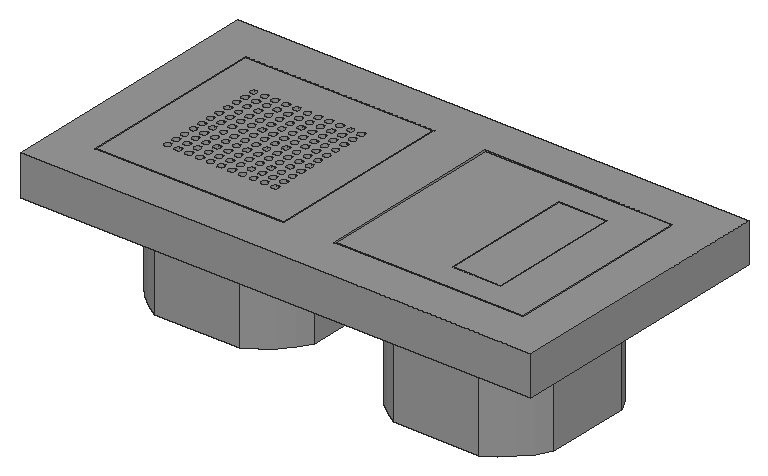
Revit family "Gira_049572", category Electrical Fixtures, host Face, Revit 2017
Family settings
  Host = Face
  Maintain Annotation Orientation = Yes
  Round Connector Dimension = Use Diameter
  Part Type = Normal
  Cut with Voids When Loaded = No
  Shared = No
  Room Calculation Point = No
Parameters (values of type "FM radio RDS speaker + fr. E2 Gira E2 White/pure white")
  URL = "http://katalog.gira.de/en/datenblatt.html?artikelnr=049572"
  Name = "FM radio RDS speaker + fr. E2 Gira E2 White/pure white"
  Model = "Radio"
  Manufacturer URL = "https://www.gira.de/"
  Manufacturer = "Gira"
  Keynote = ""
  HeinzeBIM = "https://bimportal.heinze.de/bim/fm-radio-rds-speaker-fr-e2-gira-e2-white-pure-white/af5590421b6fb635d8ea70e50993abb204e860cc"
  HAN = "049572"
  GTIN = "4010337495727"
  Description = "RDS FM radio fr. E2 WhPw,RDS flush-mounted radio with a speaker,Operating top unit in black glass appearance, including cover frame Gira E2,pure white glossy,Features:,- FM radio with RDS display for flush-mounted installation.,- The RDS flush-mounted radio consists of a radio insert with operating top unit and speaker insert with cover.,- The radio insert is compactly mounted in a flush-mounted insert and can therefore be installed in a single device box.,- The speaker can be installed in combination with the radio insert or offset in a device box. Two loudspeakers can be connected to the radio insert.,- The radio automatically detects connected speakers and switches between stereo and mono mode.,- With a corresponding RDS signal, the display of the operating top unit shows the station name, the transmission frequency and the time.,- Operation of the radio is using the capacitive buttons of the operating top unit. Operation only requires a light touching of the symbols.,- The RDS flush-mounted radio has two station presets, upon each of which a station setting can simply be saved and called up with the button actuation.,- For example, the radio can be switched on via the auxiliary input with a light switch or automatic control switch together with the room lighting.,- External audio sources, for example an MP3 player, can be connected to the radio via the stereo AUX input of the radio. For connection to the external audio source, an additional phono insert is required which is connected to the AUX terminals of the radio insert.,- The docking station insert is connected directly to the stereo AUX input for music playback.,- In sleep mode the radio switches off automatically 30 minutes after switching on.,,Notes :,- Reception interference can result in combination with additional electronic devices under one cover plate."
  Default Elevation = 1219.2 mm
  Data sheet (1) = "https://katalog.gira.de/en/download.html?artikelnr=049572"
  Category = "Electronic insert for domestic switching devices"
  BIM (1) = "https://media.stage.bim.site/public/gira/36a6b08/Sys55_Komplettgerät_UP-Radio.rfa?public/gira/36a6b08/Sys55_Komplettgerät_UP-Radio.rfa"
  Available = "No"
Reference planes
  plane 1 "Center (Front/Back)": y = 0
  plane 2 "Reference Level 0": z = 0
  plane 3 "Center (Left/Right)": x = 0
  plane 4 "Reference Level 1": z = 11.9
Forms (mm)
  Extrusion 1, solid, material "White", detail levels medium+fine
    sketch origin (0, 0, 0) x (1, 0, 0) y (0, 1, 0)
      loop
        line (-75.892, 40.342) -> (-75.892, -40.342) -> (75.892, -40.342) -> (75.892, 40.342) -> (-75.892, 40.342)
      loop
        line (-7.45, 28.1) -> (-63.65, 28.1) -> (-63.65, -28.1) -> (-7.45, -28.1) -> (-7.45, 28.1)
      loop
        line (7.45, 28.1) -> (7.45, -28.1) -> (63.65, -28.1) -> (63.65, 28.1) -> (7.45, 28.1)
    from 0 to 11.9
  Extrusion 2, solid, material "White", detail levels fine
    sketch origin (0, 0, 0) x (1, 0, 0) y (0, 1, 0)
      loop
        circle (-19.55, 16) r 1
      loop
        circle (-22.75, 16) r 1
      loop
        circle (-25.95, 16) r 1
      loop
        circle (-29.15, 16) r 1
      loop
        circle (-32.35, 16) r 1
      loop
        circle (-35.55, 16) r 1
      loop
        circle (-38.75, 16) r 1
      loop
        circle (-41.95, 16) r 1
      loop
        circle (-45.15, 16) r 1
      loop
        circle (-48.35, 16) r 1
      loop
        circle (-51.55, 16) r 1
      loop
        circle (-19.55, 12.8) r 1
      loop
        circle (-22.75, 12.8) r 1
      loop
        circle (-25.95, 12.8) r 1
      loop
        circle (-29.15, 12.8) r 1
      loop
        circle (-32.35, 12.8) r 1
      loop
        circle (-35.55, 12.8) r 1
      loop
        circle (-38.75, 12.8) r 1
      loop
        circle (-41.95, 12.8) r 1
      loop
        circle (-45.15, 12.8) r 1
      loop
        circle (-48.35, 12.8) r 1
      loop
        circle (-51.55, 12.8) r 1
      loop
        circle (-19.55, 9.6) r 1
      loop
        circle (-22.75, 9.6) r 1
      loop
        circle (-25.95, 9.6) r 1
      loop
        circle (-29.15, 9.6) r 1
      loop
        circle (-32.35, 9.6) r 1
      loop
        circle (-35.55, 9.6) r 1
      loop
        circle (-38.75, 9.6) r 1
      loop
        circle (-41.95, 9.6) r 1
      loop
        circle (-45.15, 9.6) r 1
      loop
        circle (-48.35, 9.6) r 1
      loop
        circle (-51.55, 9.6) r 1
      loop
        circle (-19.55, 6.4) r 1
      loop
        circle (-22.75, 6.4) r 1
      loop
        circle (-25.95, 6.4) r 1
      loop
        circle (-29.15, 6.4) r 1
      loop
        circle (-32.35, 6.4) r 1
      loop
        circle (-35.55, 6.4) r 1
      loop
        circle (-38.75, 6.4) r 1
      loop
        circle (-41.95, 6.4) r 1
      loop
        circle (-45.15, 6.4) r 1
      loop
        circle (-48.35, 6.4) r 1
      loop
        circle (-51.55, 6.4) r 1
      loop
        circle (-19.55, 3.2) r 1
      loop
        circle (-22.75, 3.2) r 1
      loop
        circle (-25.95, 3.2) r 1
      loop
        circle (-29.15, 3.2) r 1
      loop
        circle (-32.35, 3.2) r 1
      loop
        circle (-35.55, 3.2) r 1
      loop
        circle (-38.75, 3.2) r 1
      loop
        circle (-41.95, 3.2) r 1
      loop
        circle (-45.15, 3.2) r 1
      loop
        circle (-48.35, 3.2) r 1
      loop
        circle (-51.55, 3.2) r 1
      loop
        circle (-19.55, 0) r 1
      loop
        circle (-22.75, 0) r 1
      loop
        circle (-25.95, 0) r 1
      loop
        circle (-29.15, 0) r 1
      loop
        circle (-32.35, 0) r 1
      loop
        circle (-35.55, 0) r 1
      loop
        circle (-38.75, 0) r 1
      loop
        circle (-41.95, 0) r 1
      loop
        circle (-45.15, 0) r 1
      loop
        circle (-48.35, 0) r 1
      loop
        circle (-51.55, 0) r 1
      loop
        circle (-19.55, -3.2) r 1
      loop
        circle (-22.75, -3.2) r 1
      loop
        circle (-25.95, -3.2) r 1
      loop
        circle (-29.15, -3.2) r 1
      loop
        circle (-32.35, -3.2) r 1
      loop
        circle (-35.55, -3.2) r 1
      loop
        circle (-38.75, -3.2) r 1
      loop
        circle (-41.95, -3.2) r 1
      loop
        circle (-45.15, -3.2) r 1
      loop
        circle (-48.35, -3.2) r 1
      loop
        circle (-51.55, -3.2) r 1
      loop
        circle (-19.55, -6.4) r 1
      loop
        circle (-22.75, -6.4) r 1
      loop
        circle (-25.95, -6.4) r 1
      loop
        circle (-29.15, -6.4) r 1
      loop
        circle (-32.35, -6.4) r 1
      loop
        circle (-35.55, -6.4) r 1
      loop
        circle (-38.75, -6.4) r 1
      loop
        circle (-41.95, -6.4) r 1
      loop
        circle (-45.15, -6.4) r 1
      loop
        circle (-48.35, -6.4) r 1
      loop
        circle (-51.55, -6.4) r 1
      loop
        circle (-19.55, -9.6) r 1
      loop
        circle (-22.75, -9.6) r 1
      loop
        circle (-25.95, -9.6) r 1
      loop
        circle (-29.15, -9.6) r 1
      loop
        circle (-32.35, -9.6) r 1
      loop
        circle (-35.55, -9.6) r 1
      loop
        circle (-38.75, -9.6) r 1
      loop
        circle (-41.95, -9.6) r 1
      loop
        circle (-45.15, -9.6) r 1
      loop
        circle (-48.35, -9.6) r 1
      loop
        circle (-51.55, -9.6) r 1
      loop
        circle (-19.55, -12.8) r 1
      loop
        circle (-22.75, -12.8) r 1
      loop
        circle (-25.95, -12.8) r 1
      loop
        circle (-29.15, -12.8) r 1
      loop
        circle (-32.35, -12.8) r 1
      loop
        circle (-35.55, -12.8) r 1
      loop
        circle (-38.75, -12.8) r 1
      loop
        circle (-41.95, -12.8) r 1
      loop
        circle (-45.15, -12.8) r 1
      loop
        circle (-48.35, -12.8) r 1
      loop
        circle (-51.55, -12.8) r 1
      loop
        circle (-19.55, -16) r 1
      loop
        circle (-22.75, -16) r 1
      loop
        circle (-25.95, -16) r 1
      loop
        circle (-29.15, -16) r 1
      loop
        circle (-32.35, -16) r 1
      loop
        circle (-35.55, -16) r 1
      loop
        circle (-38.75, -16) r 1
      loop
        circle (-41.95, -16) r 1
      loop
        circle (-45.15, -16) r 1
      loop
        circle (-48.35, -16) r 1
      loop
        circle (-51.55, -16) r 1
      loop
        line (-63.25, 27.7) -> (-63.25, -27.7) -> (-7.85, -27.7) -> (-7.85, 27.7) -> (-63.25, 27.7)
    from 0 to 11.9
  Extrusion 3, solid, material "White", detail levels fine
    sketch origin (0, 0, 0) x (1, 0, 0) y (0, 1, 0)
      loop
        line (7.95, 27.7) -> (7.95, -27.7) -> (63.35, -27.7) -> (63.35, 27.7) -> (7.95, 27.7)
      loop
        line (35.999, -19.679) -> (50.301, -19.679) -> (50.229, 19.679) -> (36.071, 19.679) -> (35.999, -19.679)
    from 0 to 11.9
  Extrusion 4, solid, material "White", detail levels fine
    sketch origin (0, 0, 0) x (1, 0, 0) y (0, 1, 0)
      loop
        line (35.999, -19.679) -> (50.301, -19.679) -> (50.229, 19.679) -> (36.071, 19.679) -> (35.999, -19.679)
    from 0 to 11.9
  Extrusion 5, solid, material "White", detail levels medium
    sketch origin (0, 0, 0) x (1, 0, 0) y (0, 1, 0)
      loop
        line (-63.65, 28.1) -> (-63.65, -28.1) -> (-7.45, -28.1) -> (-7.45, 28.1) -> (-63.65, 28.1)
    from 0 to 11.9
  Extrusion 6, solid, material "White", detail levels medium
    sketch origin (0, 0, 0) x (1, 0, 0) y (0, 1, 0)
      loop
        line (7.45, 28.1) -> (7.45, -28.1) -> (63.65, -28.1) -> (63.65, 28.1) -> (7.45, 28.1)
    from 0 to 11.9
  Extrusion 7, solid, material "Grey", detail levels fine
    sketch origin (0, 0, 0) x (1, 0, 0) y (0, 1, 0)
      loop
        arc (10.55, -12.61) -> (15.751, -19.799) -> (22.94, -25) r 28
        line (22.94, -25) -> (48.16, -25)
        arc (48.16, -25) -> (55.349, -19.799) -> (60.55, -12.61) r 28
        line (60.55, -12.61) -> (60.55, 12.61)
        arc (60.55, 12.61) -> (55.349, 19.799) -> (48.16, 25) r 28
        line (48.16, 25) -> (22.94, 25)
        arc (22.94, 25) -> (15.751, 19.799) -> (10.55, 12.61) r 28
        line (10.55, 12.61) -> (10.55, -12.61)
    from 0 to -31.7
  Extrusion 8, solid, material "Grey", detail levels fine
    sketch origin (0, 0, 0) x (-1, 0, 0) y (0, -1, 0)
      loop
        line (10.55, 12.61) -> (10.55, -12.61)
        arc (10.55, -12.61) -> (15.751, -19.799) -> (22.94, -25) r 28
        line (22.94, -25) -> (48.16, -25)
        arc (48.16, -25) -> (55.349, -19.799) -> (60.55, -12.61) r 28
        line (60.55, -12.61) -> (60.55, 12.61)
        arc (60.55, 12.61) -> (55.349, 19.799) -> (48.16, 25) r 28
        line (48.16, 25) -> (22.94, 25)
        arc (22.94, 25) -> (15.751, 19.799) -> (10.55, 12.61) r 28
    from 0 to -28
  Extrusion 9, solid, detail levels medium
    sketch origin (0, 0, 0) x (-1, 0, 0) y (0, -1, 0)
      loop
        line (10.55, 25) -> (10.55, -25) -> (60.55, -25) -> (60.55, 25) -> (10.55, 25)
    from 0 to -28
  Extrusion 10, solid, detail levels medium
    sketch origin (0, 0, 0) x (1, 0, 0) y (0, 1, 0)
      loop
        line (10.55, -25) -> (60.55, -25) -> (60.55, 25) -> (10.55, 25) -> (10.55, -25)
    from 0 to -31.7
  Extrusion 11, solid, material "Grey", detail levels coarse
    sketch origin (0, 0, 0) x (1, 0, 0) y (0, 1, 0)
      loop
        line (-75.892, 40.342) -> (-75.892, -40.342) -> (75.892, -40.342) -> (75.892, 40.342) -> (-75.892, 40.342)
    from -31.7 to 11.9
Cuts and joins
  joined: Extrusion 7, Extrusion 8
  joined: Extrusion 9, Extrusion 10
Dimensions and locks
  aligned and locked: plane 2 "Reference Level 0" to host face
  aligned and locked: level to host face
Nested families
  nested 1: "Radio Beschriftung" at (0, 0, 0) x (0, 1, 0) z (0, 0, 1), type "Radio Beschriftung"
Connectors
  electrical at (-35.55, 0, -28)
    settings: on cut or joined group of Extrusion 7, Extrusion 8, index 1, voltage 220 V, apparent load 0 VA, apparent load phase1 0 VA, apparent load phase2 0 VA, apparent load phase3 0 VA, power factor 1, load classification "Other", number of poles 1, system type 31, power factor state 1, is connector primary yes, connector utility no, sub classification motor no, connector description ""
Definition of nested family "Radio Beschriftung"
  Reference planes
    plane 1: y = 0
    plane 2: x = 0
  Lines and regions (mm)
    detail lines
      curve 1: line (0, 1, 0) -> (3, 1, 0)
      curve 2: line (0, -1, 0) -> (0, 1, 0)
      curve 3: line (3, -1, 0) -> (0, -1, 0)
      curve 4: line (3, 1, 0) -> (3, -1, 0)
      curve 5: line (2, 1, 0) -> (2, -1, 0)
      curve 6: line (3, 1, 0) -> (2, 0.49, 0)
      curve 7: line (3, -1, 0) -> (2, -0.49, 0)
  Dimensions and locks
    curve 2 to curve 4 = 3 mm
    curve 3 to curve 1 = 2 mm
